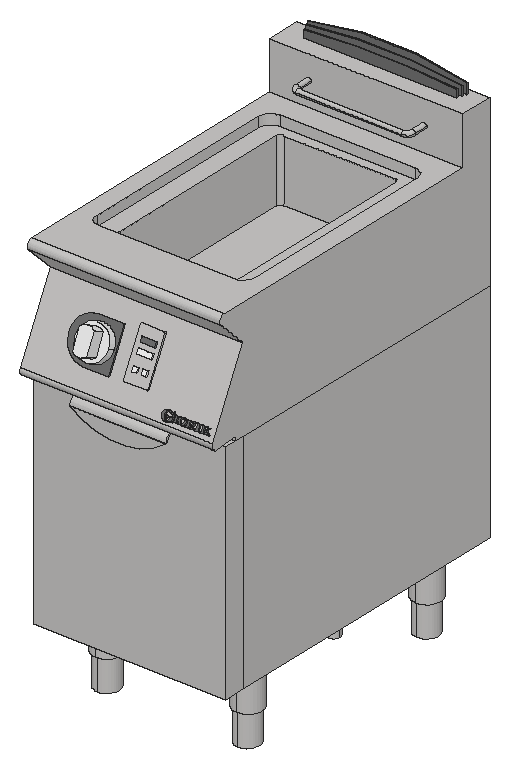
Revit family "QF_GIORIK_FG7417MP", category Specialty Equipment, Revit 2014
Parameters (values of type "FG7417MP")
  Weight in Pounds = 171.9604
  Watts = 100 W
  Volts = 230 V
  URL Cutsheet = "www.giorik.com"
  URL = "www.giorik.com"
  Status [instance] = ""
  Specification by User [instance] = ""
  Specification by Manufacturer = ""
  Show Logo [instance] = yes
  Show Clearance [instance] = yes
  Serial Number = ""
  Seismic Rating = ""
  SMACNA No = ""
  Revision Code [instance] = ""
  Phase = 1
  Number of Poles [instance] = 1
  NAFEM Spec ID Number = ""
  Model = "FG7417MP"
  Min Ckt Ampacity = 0 A
  Mechanical Remarks [instance] = "Natural Gas"
  Mechanical Connection Type [instance] = ""
  Max Overcurrent Protection = 0 A
  Masterspec = ""
  Manufacturer = "GIORIK"
  Item Number [instance] = ""
  Installed By [instance] = ""
  Identify Quantity as Lot [instance] = no
  HP = "0.134102000000"
  Gas Size = 1"
  Gas RI Height [instance] = 0 mm
  Gas KW = 16
  Gas Input = 16000 W
  Gas Connection Height [instance] = 150 mm
  Furnished By [instance] = ""
  Foodservice Equipment Identifier [instance] = yes
  FL Amps = 0 A
  Electrical Remarks [instance] = ""
  Electric Connection Type [instance] = ""
  Elec Conn RI Height [instance] = 0 mm
  Elec Conn Connection Height [instance] = 150 mm
  Description = "17 LITRE MELTING GAS FRYER."
  Cycle = 50 Hz
  Conn Plug = ""
  Conn Conduit [instance] = no
  CSI MasterFormat = ""
  Assembly Code = "E1090320"
  Apparent Power = 100 VA
Reference planes
  plane 1 "Back": y = 0
  plane 2: z = 0
  plane 3 "Left": x = 0
  plane 4 "Right": x = 400
  plane 5 "Front": y = -720
  plane 6 "Top": z = 900
Forms (mm)
  Extrusion 1, solid, visible <- "Show Logo"
    sketch origin (196.604, -736.761, 609.486) x (-1, 0, 0) y (0, 0.452718, 0.891654)
      loop
        line (-118.824, 58.358) -> (-127.804, 58.358) -> (-125.523, 56.445) -> (-125.523, 48.027) -> (-127.804, 46.113) -> (-118.824, 46.113) -> (-121.105, 48.027) -> (-121.105, 56.445) -> (-118.824, 58.358)
      loop
        line (-163.721, 58.358) -> (-172.7, 58.358) -> (-170.42, 56.445) -> (-170.42, 48.027) -> (-172.7, 46.113) -> (-163.721, 46.113) -> (-166.001, 48.027) -> (-166.001, 56.445) -> (-163.721, 58.358)
      loop
        line (-174.332, 58.358) -> (-183.312, 58.358) -> (-181.031, 56.445) -> (-181.031, 52.435) -> (-186.419, 56.955) -> (-184.416, 58.358) -> (-191.268, 58.358) -> (-188.01, 56.839) -> (-185.455, 54.283) -> (-190.846, 47.858) -> (-193.396, 46.93) -> (-193.396, 46.113) -> (-184.416, 46.113) -> (-185.437, 47.571) -> (-182.443, 51.552) -> (-181.031, 50.894) -> (-181.031, 48.027) -> (-183.312, 46.113) -> (-174.332, 46.113) -> (-176.613, 48.027) -> (-176.613, 56.445) -> (-174.332, 58.358)
      loop
        line (-115.429, 62.063) -> (-115.429, 54.198)
        arc (-115.429, 54.198) -> (-111.618, 57.803) -> (-106.847, 59.986) r 16.039
        arc (-106.847, 59.986) -> (-103.314, 59.837) -> (-100.512, 57.68) r 5.851
        arc (-100.512, 57.68) -> (-98.815, 52.267) -> (-100.512, 46.853) r 9.479
        arc (-100.512, 46.853) -> (-102.406, 44.986) -> (-104.846, 43.93) r 7.236
        arc (-104.846, 43.93) -> (-107.728, 44.111) -> (-110.052, 45.825) r 5.11
        line (-110.052, 45.825) -> (-110.052, 52.001) -> (-116.141, 52.001) -> (-116.141, 45.503) -> (-117.893, 43.751) -> (-114.094, 44.769)
        arc (-114.094, 44.769) -> (-112.56, 44.947) -> (-111.129, 44.366) r 3.115
        arc (-111.129, 44.366) -> (-104.216, 42.091) -> (-97.303, 44.366) r 11.641
        arc (-97.303, 44.366) -> (-93.396, 52.107) -> (-97.303, 59.849) r 9.622
        arc (-97.303, 59.849) -> (-104.369, 62.174) -> (-111.435, 59.849) r 11.898
        line (-111.435, 59.849) -> (-115.429, 62.063)
      loop
        arc (-129.234, 56.068) -> (-135.893, 58.628) -> (-142.552, 56.068) r 9.941
        arc (-142.552, 56.068) -> (-144.234, 52.286) -> (-142.552, 48.505) r 5.093
        arc (-142.552, 48.505) -> (-135.893, 45.945) -> (-129.234, 48.505) r 9.941
        arc (-129.234, 48.505) -> (-127.552, 52.286) -> (-129.234, 56.068) r 5.093
      loop
        arc (-132.628, 54.403) -> (-135.893, 57.668) -> (-139.158, 54.403) r 3.265
        line (-139.158, 54.403) -> (-139.158, 50.169)
        arc (-139.158, 50.169) -> (-135.893, 46.904) -> (-132.628, 50.169) r 3.265
        line (-132.628, 50.169) -> (-132.628, 54.403)
      loop
        arc (-156.363, 58.365) -> (-159.647, 55.081) -> (-156.363, 51.796) r 3.285
        line (-156.363, 51.796) -> (-159.529, 47.306) -> (-162.087, 46.113) -> (-155.847, 46.113) -> (-153.529, 51.083) -> (-150.637, 51.083) -> (-150.637, 47.784) -> (-153.022, 46.113) -> (-144.011, 46.113) -> (-146.094, 47.68) -> (-146.094, 56.493) -> (-144.229, 58.365) -> (-156.363, 58.365)
      loop
        line (-150.637, 57.512) -> (-153.637, 57.512)
        arc (-153.637, 57.512) -> (-156.237, 54.912) -> (-153.637, 52.312) r 2.6
        line (-153.637, 52.312) -> (-150.637, 52.312) -> (-150.637, 57.512)
      loop
        line (-108.924, 52.001) -> (-104.936, 49.005) -> (-100.948, 52.001) -> (-108.924, 52.001)
    from 1.5 to -0.5
  Extrusion 2, solid
    sketch origin (-16, 1025.81, 0) x (1, 0, 0) y (0, 1, 0)
      loop
        line (25, -1086.81) -> (25, -1156.81) -> (115, -1156.81) -> (115, -1086.81) -> (25, -1086.81)
    from 148 to 150
  Extrusion 3, solid
    sketch origin (-14, 0, 130) x (1, 0, 0) y (0, 1, 0)
      loop
        circle (54, -385) r 12.5
    from 0 to 20
  Extrusion 4, solid
    sketch origin (0, 1000, -20) x (0, 1, 0) y (0, 0, 1)
      loop
        line (-1000, 989.988) -> (-1070, 989.988) -> (-1070, 889.988) -> (-1688.806, 889.988)
        arc (-1688.806, 889.988) -> (-1699.151, 883.075) -> (-1696.724, 870.873) r 11.197
        line (-1696.724, 870.873) -> (-1640.876, 815.025) -> (-1718.948, 661.258)
        arc (-1718.948, 661.258) -> (-1718.233, 650.105) -> (-1708.118, 645.354) r 10.981
        line (-1708.118, 645.354) -> (-1660, 649.925) -> (-1660, 640) -> (-1000, 640) -> (-1000, 989.988)
    from 0 to 400
  Extrusion 5, solid
    sketch origin (0, 0, 599.536) x (1, 0, 0) y (0, 1, 0)
      loop
        line (0, -640) -> (40, -640) -> (40, -40) -> (360, -40) -> (360, -640) -> (400, -640) -> (400, 0) -> (0, 0) -> (0, -640)
    from -449.536 to 20.464
  Extrusion 6, solid
    sketch origin (0, 0, 0) x (1, 0, 0) y (0, 1, 0)
      loop
        line (40, -40) -> (40, -640) -> (360, -640) -> (360, -40) -> (40, -40)
    from 150 to 190
  Extrusion 7, solid
    sketch origin (-16, 560.81, 0) x (1, 0, 0) y (0, 1, 0)
      loop
        line (25, -1086.81) -> (25, -1156.81) -> (115, -1156.81) -> (115, -1086.81) -> (25, -1086.81)
    from 148 to 150
  Revolve 8, solid
    sketch origin (54, 560.81, 0) x (0, 1, 0) y (0, 0, 1)
      loop
        line (-1092.56, 66) -> (-1092.56, 148) -> (-1121.81, 148) -> (-1121.81, 0) -> (-1096.81, 0) -> (-1096.81, 66) -> (-1092.56, 66)
      axis (-1121.81, 0) -> (-1121.81, 148)
    angle from 0 to 360
  Revolve 9, solid
    sketch origin (54, 1025.81, 0) x (0, 1, 0) y (0, 0, 1)
      loop
        line (-1092.56, 66) -> (-1092.56, 148) -> (-1121.81, 148) -> (-1121.81, 0) -> (-1096.81, 0) -> (-1096.81, 66) -> (-1092.56, 66)
      axis (-1121.81, 0) -> (-1121.81, 148)
    angle from 0 to 360
  Extrusion 10, solid
    sketch origin (416, 560.81, 0) x (-1, 0, 0) y (0, -1, 0)
      loop
        line (25, 1086.81) -> (115, 1086.81) -> (115, 1156.81) -> (25, 1156.81) -> (25, 1086.81)
    from 148 to 150
  Revolve 11, solid
    sketch origin (346, 560.81, 0) x (0, 1, 0) y (0, 0, -1)
      loop
        line (-1092.56, -66) -> (-1096.81, -66) -> (-1096.81, 0) -> (-1121.81, 0) -> (-1121.81, -148) -> (-1092.56, -148) -> (-1092.56, -66)
      axis (-1121.81, 0) -> (-1121.81, -148)
    angle from 0 to 360
  Extrusion 12, solid
    sketch origin (416, -1217.81, 0) x (-1, 0, 0) y (0, -1, 0)
      loop
        line (25, -1086.81) -> (25, -1156.81) -> (115, -1156.81) -> (115, -1086.81) -> (25, -1086.81)
    from 148 to 150
  Revolve 13, solid
    sketch origin (346, -1217.81, 0) x (0, -1, 0) y (0, 0, 1)
      loop
        line (-1092.56, 66) -> (-1092.56, 148) -> (-1121.81, 148) -> (-1121.81, 0) -> (-1096.81, 0) -> (-1096.81, 66) -> (-1092.56, 66)
      axis (-1121.81, 0) -> (-1121.81, 148)
    angle from 0 to 360
  Extrusion 14, solid
    sketch origin (-293.221, -963.345, 52.363) x (1, 0, 0) y (0, 0.452718, 0.891654)
      loop
        line (463.221, 676.25) -> (463.221, 766.25) -> (409.698, 766.25)
        arc (409.698, 766.25) -> (364.698, 721.25) -> (409.698, 676.25) r 45
        line (409.698, 676.25) -> (463.221, 676.25)
    from 48 to 50
  Extrusion 15, solid
    sketch origin (481.331, -1008.697, 74.959) x (-1, 0, 0) y (0, -0.45351, -0.891251)
      loop
        circle (351.331, -721.346) r 35
    from 0 to 15
  Extrusion 16, solid
    sketch origin (481.331, -1008.697, 74.959) x (-1, 0, 0) y (0, -0.45351, -0.891251)
      loop
        arc (336.331, -743.846) -> (351.331, -748.846) -> (366.331, -743.846) r 25
        line (366.331, -743.846) -> (366.331, -698.846)
        arc (366.331, -698.846) -> (351.331, -693.846) -> (336.331, -698.846) r 25
        line (336.331, -698.846) -> (336.331, -743.846)
    from 15 to 40
  Extrusion 17, solid
    sketch origin (-94, 0, 59.999) x (1, 0, 0) y (0, 0, 1)
      loop
        line (135, 909.989) -> (453, 909.989) -> (453, 925.527) -> (347.056, 931.749) -> (240.944, 931.749) -> (135, 925.527) -> (135, 909.989)
    from 32 to 35
  Extrusion 18, solid
    sketch origin (-92, 10, 59.999) x (1, 0, 0) y (0, 0, 1)
      loop
        line (454, 909.989) -> (454, 928.527) -> (346.162, 939.193) -> (237.838, 939.193) -> (130, 928.527) -> (130, 909.989) -> (454, 909.989)
    from 32 to 35
  Extrusion 19, solid
    sketch origin (-90, 20, 59.999) x (1, 0, 0) y (0, 0, 1)
      loop
        line (455, 909.989) -> (455, 930.527) -> (345.396, 947.413) -> (234.604, 947.413) -> (125, 930.527) -> (125, 909.989) -> (455, 909.989)
    from 32 to 35
  Extrusion 20, void
    sketch origin (0, 0, 819.988) x (0, 1, 0) y (-1, 0, 0)
      loop
        arc (-120, -60) -> (-127.322, -42.322) -> (-145, -35) r 25
        line (-145, -35) -> (-565.002, -35)
        arc (-565.002, -35) -> (-582.68, -42.322) -> (-590.002, -60) r 25
        line (-590.002, -60) -> (-590.002, -340)
        arc (-590.002, -340) -> (-582.68, -357.678) -> (-565.002, -365) r 25
        line (-565.002, -365) -> (-145, -365)
        arc (-145, -365) -> (-127.322, -357.678) -> (-120, -340) r 25
        line (-120, -340) -> (-120, -60)
    from -100 to 50
  Extrusion 21, solid
    sketch origin (0, 0, 900) x (0, 1, 0) y (-1, 0, 0)
      loop
        arc (-120, -60) -> (-127.322, -42.322) -> (-145, -35) r 25
        line (-145, -35) -> (-565.002, -35)
        arc (-565.002, -35) -> (-582.68, -42.322) -> (-590.002, -60) r 25
        line (-590.002, -60) -> (-590.002, -340)
        arc (-590.002, -340) -> (-582.68, -357.678) -> (-565.002, -365) r 25
        line (-565.002, -365) -> (-145, -365)
        arc (-145, -365) -> (-127.322, -357.678) -> (-120, -340) r 25
        line (-120, -340) -> (-120, -60)
      loop
        arc (-140, -85.011) -> (-142.929, -77.94) -> (-150, -75.011) r 10
        line (-150, -75.011) -> (-555.002, -75.011)
        arc (-555.002, -75.011) -> (-562.073, -77.94) -> (-565.002, -85.011) r 10
        line (-565.002, -85.011) -> (-565.002, -315)
        arc (-565.002, -315) -> (-562.073, -322.071) -> (-555.002, -325) r 10
        line (-555.002, -325) -> (-150, -325)
        arc (-150, -325) -> (-142.929, -322.071) -> (-140, -315) r 10
        line (-140, -315) -> (-140, -85.011)
    from -180.012 to -50
  Extrusion 22, solid
    sketch origin (0, -725, 0) x (1, 0, 0) y (0, 0, 1)
      loop
        line (0, 620) -> (0, 150) -> (400, 150) -> (400, 620) -> (0, 620)
    from -85 to -40
  Extrusion 23, solid
    sketch origin (2.5, -725, -20.1) x (0, 1, 0) y (0, 0, 1)
      loop
        arc (25, 640.1) -> (14.393, 635.707) -> (10, 625.1) r 15
        line (10, 625.1) -> (12, 625.1)
        arc (12, 625.1) -> (15.808, 634.292) -> (25, 638.1) r 13
        line (25, 638.1) -> (40, 638.1) -> (40, 640.1) -> (25, 640.1)
    from 97.5 to 297.5
  Extrusion 24, solid
    sketch origin (2.5, -724.905, -20.1) x (1, 0, 0) y (0, 0, 1)
      loop
        arc (97.5, 625.1) -> (197.5, 590.089) -> (297.5, 625.1) r 160.316
        line (297.5, 625.1) -> (97.5, 625.1)
    from -11.905 to -9.905
  Extrusion 25, solid, visible <- "Show Clearance", detail levels coarse
    sketch origin (395, -725, 0) x (-1, 0, 0) y (0, -1, 0)
      loop
        line (-5, -40) -> (395, -40)
        arc (395, -40) -> (277.534, 241.069) -> (-5, 354.968) r 395
        line (-5, 354.968) -> (-5, -40)
    from 150 to 620
  Extrusion 26, solid
    sketch origin (0, 0, 100) x (0, 1, 0) y (-1, 0, 0)
      loop
        circle (-380, -380) r 12.5
    from 30 to 50
  Sweep 27, solid
    path origin (0, 0, 919.988) x (0, 1, 0) y (-1, 0, 0)
      loop
        line (-70, -80) -> (-100, -80)
        arc (-100, -80) -> (-107.071, -82.929) -> (-110, -90) r 10
        line (-110, -90) -> (-110, -310)
        arc (-110, -310) -> (-107.071, -317.071) -> (-100, -320) r 10
        line (-100, -320) -> (-70, -320)
    profile origin (80, -85, 919.988) x (1, 0, 0) y (0, 0, 1)
      loop
        circle (0, 0) r 5
  Extrusion 28, solid
    sketch origin (-324.127, -1033.637, 21.856) x (1, 0, 0) y (0, 0.453086, 0.891467)
      loop
        arc (527.687, 837.056) -> (525.919, 836.323) -> (525.187, 834.556) r 2.5
        line (525.187, 834.556) -> (525.187, 739.556)
        arc (525.187, 739.556) -> (525.919, 737.788) -> (527.687, 737.056) r 2.5
        line (527.687, 737.056) -> (572.687, 737.056)
        arc (572.687, 737.056) -> (574.454, 737.788) -> (575.187, 739.556) r 2.5
        line (575.187, 739.556) -> (575.187, 834.556)
        arc (575.187, 834.556) -> (574.454, 836.323) -> (572.687, 837.056) r 2.5
        line (572.687, 837.056) -> (527.687, 837.056)
    from 0 to 2
  Extrusion 29, solid
    sketch origin (-322.169, -1027.435, 34.058) x (1, 0, 0) y (0, 0.453086, 0.891467)
      loop
        line (533.229, 803.367) -> (533.229, 793.367) -> (563.229, 793.367) -> (563.229, 803.367) -> (533.229, 803.367)
    from 0 to 3
  Extrusion 30, solid
    sketch origin (-322.169, -1029.701, 29.601) x (1, 0, 0) y (0, 0.453086, 0.891467)
      loop
        line (533.229, 758.367) -> (533.229, 748.367) -> (543.229, 748.367) -> (543.229, 758.367) -> (533.229, 758.367)
    from 0 to 3
  Extrusion 31, solid
    sketch origin (-322.169, -1036.497, 16.229) x (1, 0, 0) y (0, 0.453086, 0.891467)
      loop
        line (533.229, 803.367) -> (533.229, 793.367) -> (563.229, 793.367) -> (563.229, 803.367) -> (533.229, 803.367)
    from 0 to 3
  Extrusion 32, solid
    sketch origin (-302.169, -1029.701, 29.601) x (1, 0, 0) y (0, 0.453086, 0.891467)
      loop
        line (533.229, 758.367) -> (533.229, 748.367) -> (543.229, 748.367) -> (543.229, 758.367) -> (533.229, 758.367)
    from 0 to 3
Cuts and joins
  Extrusion 20 cuts Extrusion 4
Lines and regions (mm)
  symbolic lines, style "200-EquipBorder-2D"
    curve 1: line (0, -720, 0) -> (400, -720, 0)
    curve 2: line (400, -720, 0) -> (400, 0, 0)
    curve 3: line (400, 0, 0) -> (0, 0, 0)
    curve 4: line (0, 0, 0) -> (0, -720, 0)
  symbolic lines, style "200-EquipInternal-2D"
    curve 5: line (35, -12, 900) -> (365, -12, 900)
    curve 6: line (365, -12, 900) -> (365, -15, 900)
    curve 7: line (365, -15, 900) -> (35, -15, 900)
    curve 8: line (35, -15, 900) -> (35, -12, 900)
    curve 9: line (38, -22, 900) -> (362, -22, 900)
    curve 10: line (362, -22, 900) -> (362, -25, 900)
    curve 11: line (362, -25, 900) -> (38, -25, 900)
    curve 12: line (38, -25, 900) -> (38, -22, 900)
    curve 13: line (41, -32, 900) -> (359, -32, 900)
    curve 14: line (359, -32, 900) -> (359, -35, 900)
    curve 15: line (359, -35, 900) -> (41, -35, 900)
    curve 16: line (41, -35, 900) -> (41, -32, 900)
    curve 17: line (340, -120, 900) -> (60, -120, 900)
    curve 18: arc (60, -120, 900) -> (42.322, -127.322, 900) -> (35, -145, 900) r 25
    curve 19: line (35, -145, 900) -> (35, -565, 900)
    curve 20: arc (365, -145, 900) -> (357.678, -127.322, 900) -> (340, -120, 900) r 25
    curve 21: arc (340, -590, 900) -> (356.212, -584.031, 900) -> (364.682, -568.975, 900) r 25
    curve 22: line (60, -590, 900) -> (340, -590, 900)
    curve 23: arc (35, -565, 900) -> (42.322, -582.678, 900) -> (60, -590, 900) r 25
    curve 24: line (365, -565.002, 900) -> (365, -145, 900)
    curve 27: line (85, -140, 900) -> (315, -140, 900)
    curve 28: line (325, -150, 900) -> (325, -555.002, 900)
    curve 29: line (75, -555.002, 900) -> (75, -150, 900)
    curve 30: line (315, -565.002, 900) -> (85, -565.002, 900)
    curve 31: arc (85, -140, 900) -> (77.929, -142.929, 900) -> (75, -150, 900) r 10
    curve 32: arc (315, -140, 900) -> (322.071, -142.929, 900) -> (325, -150, 900) r 10
    curve 33: arc (75, -555.002, 900) -> (77.929, -562.073, 900) -> (85, -565.002, 900) r 10
    curve 34: arc (315, -565.002, 900) -> (322.071, -562.073, 900) -> (325, -555.002, 900) r 10
    curve 35: line (75, -70, 900) -> (75, -99.667, 900)
    curve 36: line (85, -100, 900) -> (85, -70, 900)
    curve 37: line (89.989, -104.989, 900) -> (310.27, -104.989, 900)
    curve 38: line (315.032, -100.227, 900) -> (315.032, -70, 900)
    curve 39: line (325.032, -70, 900) -> (325.032, -100.301, 900)
    curve 40: line (310.333, -115, 900) -> (90.333, -115, 900)
    curve 41: arc (90.333, -115, 900) -> (79.491, -110.509, 900) -> (75, -99.667, 900) r 15.333
    curve 42: arc (85, -100, 900) -> (86.461, -103.528, 900) -> (89.989, -104.989, 900) r 4.989
    curve 43: arc (310.333, -115, 900) -> (320.727, -110.695, 900) -> (325.032, -100.301, 900) r 14.699
    curve 44: arc (315.032, -100.227, 900) -> (313.637, -103.594, 900) -> (310.27, -104.989, 900) r 4.762
    curve 45: line (85, -70, 900) -> (315.032, -70, 900)
    curve 46: line (0, -70, 900) -> (75, -70, 900)
    curve 47: line (325, -70, 900) -> (400, -70, 900)
  symbolic lines, style "QF_Door-Drawer Clearances", visible <- "Show Clearance", detail levels coarse
    curve 25: arc (400, -1079.968, 0) -> (130.204, -978.101, 0) -> (1.554, -720, 0) r 395
    curve 26: line (400, -720, 0) -> (400, -1079.968, 0)
Dimensions and locks
  plane 3 "Left" to plane 4 "Right" = 400 mm
  plane 5 "Front" to plane 1 "Back" = 720 mm
  plane 4 "Right" to plane 3 "Left" = 400 mm
  plane 1 "Back" to plane 5 "Front" = 720 mm
  plane 6 "Top" to level = 900 mm  (x2)
  aligned and locked: level to plane 2
Connectors
  electrical at (380, -380, 130), driven by "Apparent Power", driven by "Volts", driven by "Number of Poles"
    settings: on Extrusion 26, index 1, voltage 230 V, apparent load 0 VA, apparent load phase1 100 VA, apparent load phase2 0 VA, apparent load phase3 0 VA, power factor 1, load classification "Other", number of poles 1, system type 31, power factor state 1, is connector primary yes, connector utility no, sub classification motor no, connector description "Electrical connection"
  piping at (40, -385, 130), diameter 25.4, driven by "Gas Size"
    settings: on Extrusion 3, index 2, connector inside diameter 24", connector length 0 mm, flow factor 0, pipe flow 0.0 L/s, pressure drop 0.0 Pa, fitting loss kfactor 0, connector angle 0.00°, fixture units 0, engagement length 0 mm, angle of deflection 0.00°, flow configuration 1, flow direction 1, fitting loss method 0, system type 22, joint type 0, gender type 0, connector reference index -1, connector utility 0, adjustable connector no, is connector primary yes, connector description "Gas inlet"
